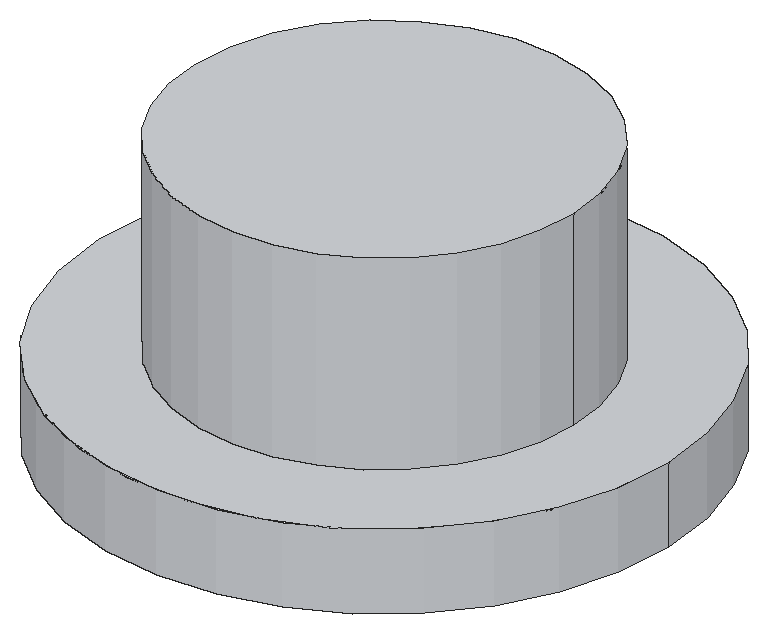
Revit family "ZU_Tellerventil", category Luftdurchlässe, Revit 2014
Parameters (values of type "DN 100")
  Volumenstrom [instance] = 0.0 L/s
  Frontplatte_Radius = 75 mm
  Druckverlusst [instance] = 0.0 Pa
  Anschluss_Radius = 50 mm
  Frontplatte_Höhe = 20 mm
  Anschluss_Stutzen_Höhe = 50 mm
  Anschluss_Durchmesser = Anschluss_Radius * 2  # 100 mm
Reference planes
  plane 1 "Mitte (Vorne/Hinten)": y = 0
  plane 2: z = 0
  plane 3 "Mitte (Links/Rechts)": x = 0
  plane 4 "OK_Frontplatte": z = 20
Forms (mm)
  Extrusion 1, solid
    sketch origin (0, 0, 0) x (1, 0, 0) y (0, 1, 0)
      loop
        circle (0, 0) r 75
    from 0 to 20
  Extrusion 2, solid
    sketch origin (0, 0, 20) x (-1, 0, 0) y (0, -1, 0)
      loop
        circle (0, 0) r 50
    from 0 to 50 <- "Anschluss_Stutzen_Höhe"
Dimensions and locks
  "Frontplatte_Höhe": plane 4 "OK_Frontplatte" to plane 2
  "Frontplatte_Radius": radius of Extrusion 1 sketch curve
  "Anschluss_Radius": radius of Extrusion 2 sketch curve
  aligned and locked: level to plane 2
  aligned and locked: plane 4 "OK_Frontplatte" to Extrusion 1
Automatic sketch dimensions
  plane 1 "Mitte (Vorne/Hinten)" to Extrusion 1 sketch curve = 0 mm
  Extrusion 1 sketch curve to plane 3 "Mitte (Links/Rechts)" = 0 mm
  plane 1 "Mitte (Vorne/Hinten)" to Extrusion 2 sketch curve = 0 mm
  Extrusion 2 sketch curve to plane 3 "Mitte (Links/Rechts)" = 0 mm
Connectors
  hvac at (0, 0, 70), driven by "Anschluss_Durchmesser", driven by "Volumenstrom", driven by "Druckverlusst"
    settings: on Extrusion 2, index 1, duct flow 0.0 L/s, flow factor 0, pres drop 0.0 Pa, loss coef 0, conn angle 0.00°, conn width 304.8 mm, conn height 304.8 mm, conn diameter 100 mm, duct sys type 1, conn prof type 0, flow config 1, flow direction 1, loss method 4, conn ref index -1, conn util no, is conn primary yes, conn desc ""
